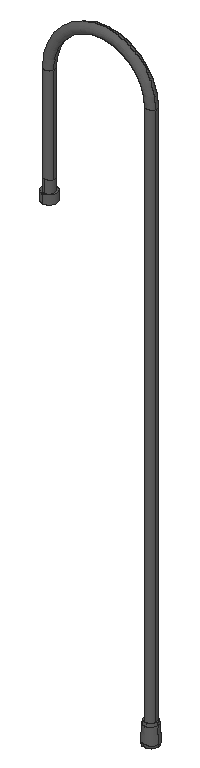
Revit family "Grohe_ShowerHose_Silverflex_28362KF1", category Plumbing Fixtures, host Face, Revit 2020
Family settings
  Host = Face
  Round Connector Dimension = Use Diameter
  Part Type = Normal
  OmniClass Number = 23.45.05.00
  OmniClass Title = Sanitary Equipment
  Cut with Voids When Loaded = No
  Shared = No
  Room Calculation Point = No
Parameters (values of type "SILVERFLEX Shower Hose (28362KF1)")
  _ObjectUserGuide = "https://www.bimstore.co/products/grohe-28362KF1/document/object-user-guide"
  _DistributedBy = "https://www.bimstore.co/"
  _CurrentRevision = 1
  _CreatedBy = "https://www.bimstore.co/"
  _BimSpecGuid = 0
  _BSBibleVersion = 17
  _AuthorizedBy = "bimstore"
  _Author = "AM 147"
  Waste Connection = no
  WarrantyStartDate [instance] = "Please Record On Commissioning."
  WarrantyGuarantorParts = "info-uk@grohe.com"
  WarrantyGuarantorLabor = "info-uk@grohe.com"
  WarrantyDurationUnit = "Years"
  WarrantyDurationParts = "0"
  WarrantyDurationLabor = "0"
  WarrantyDescription = "n/a"
  Vent Connection = no
  URL = "https://www.grohe.co.uk/"
  TypeName = "SILVERFLEX Shower Hose"
  Type Comments = "SILVERFLEX Shower Hose"
  TPIDocumentLink = "n/a"
  SustainabilityReport = "green.grohe.com/reporting"
  SustainabilityAward = "green.grohe.com/awards"
  SpareParts = "info-uk@grohe.com"
  Size = "n/a"
  Shape = "n/a"
  SerialNumber [instance] = "Please Record On Commissioning."
  ReplacementCost = "n/a"
  ReferencedStandard = "n/a"
  Radius [instance] = Diameter / 2  # 75.0 mm
  ProductionYear = "2023"
  ProductType = "Shower Hose"
  ProductShortText = "shower hose 1250 mm"
  ProductPageURL = "https://www.grohe.co.uk/en_gb/-28362KF1.html"
  ProductNumber = "28362KF1"
  ProductDescription = "1250 mm\r\n\r\nplastic material with smooth surface\r\n\r\nExtra Hygienic easy cleaning\r\n\r\nAntiFold bendproof\r\n\r\nuniversal connection G 1/2\" x 1/2\"\r\n\r\nrotation cone for TwistStop-function\r\n\r\nProGrip\r\n\r\nAntiScratch soft surface\r\n\r\nGROHE Long-Life\r\n\r\nheat resistance 70°C\r\n\r\npressure resistance up to 5 bar\r\n\r\ntensile strength 500 N\r\n\r\nGROHE Long-Life Shine finish"
  PrimaryMaterial = Grohe_MattBlack
  PQDiagramLink = "n/a"
  NominalLength = 0.0 mm
  NominalHeight = 0.0 mm
  NominalDepth = 0.0 mm
  NBSReference = "45-35-70/330"
  NBSOfficeMasterTag = "n/a"
  NBSObjectName = "Grohe - Shower fittings package"
  NBSNote = "n/a"
  NBSDescription = "Shower fittings package"
  ModelReference = "SILVERFLEX Shower Hose"
  ModelNumber = "28362KF1"
  Model = "SILVERFLEX Shower Hose"
  Material = "n/a"
  ManufacturerName = "Grohe"
  Manufacturer = "Grohe"
  Keynote = "N13"
  InstallationDate [instance] = "Please Record On Commissioning."
  IfcExportType = "IfcPipeFittingType"
  IfcExportAs = "IfcPipeFitting"
  HoseLength = 1250.0 mm  # constant formula
  HalfCircumference [instance] = (2 * 3.142 * Radius) / 2  # 235.65 mm
  HW Connection = no
  H1 [instance] = HoseLength - (Drop - Radius) - HalfCircumference  # 839.35 mm
  Grade = "n/a"
  GROHESustainability = "green.grohe.com"
  GROHESocialCommittment = "green.grohe.com/social_engagement"
  FullRecyclabilityOfPlastic = "All plastic components are fully recyclable"
  Finish = "n/a"
  Features = "n/a"
  ExpectedLife = 0
  Ecojoy = no
  EF024551 = "not relevant"
  EF022269 = "1/2 inch"
  EF022268 = "Internal thread"
  EF022267 = "TRUE"
  EF022266 = "Plastic"
  EF013956 = "FALSE"
  EF005913 = "not relevant"
  EF001438 = 1250.0 mm
  EF000007 = "Other"
  DurationUnit = "Years"
  Drop [instance] = 250.0 mm
  DocumentationTechnical = "https://www.bimstore.co/products/grohe-28362KF1/document/technical-data-sheet"
  DocumentationMaintenance = "https://www.bimstore.co/products/grohe-28362KF1/document/maintenance-information"
  DocumentationLiterature = "https://www.bimstore.co/products/grohe-28362KF1/document/product-literature"
  DocumentationInstallationGuide = "https://www.bimstore.co/products/grohe-28362KF1/document/installation-guide"
  DocumentationCertificates = "https://www.bimstore.co/products/grohe-28362KF1/document/product-certificates"
  DimensionsDocumentLink = "https://cdn.cloud.grohe.com/dimdraw/1000/1300/1330/1338/1338525/1280/1338525.jpg"
  Diameter [instance] = 150.0 mm
  Description = "SILVERFLEX Shower Hose"
  Default Elevation = 0.0 mm
  CreatedOn = "2023-03-01T09:00:00"
  CreatedBy = "info-uk@grohe.com"
  CradleToCradleCertification = "n/a"
  Cost = 0
  Constituents = "n/a"
  Color = "Matt Black"
  CodePerformance = "n/a"
  ClassificationValue = "Pr_40_20_87_75"
  ClassificationName = "Uniclass2015"
  CW Connection = no
  CO2NeutralProduction = "GROHE is one of the first leading manufacturer within the sanitary industry having a CO2-neutral production."
  BarCode [instance] = "Please Record On Commissioning."
  BIMObjectName = "Grohe_ShowerHose_Silverflex_28362KF1"
  AssetType = "Fixed"
  AssetIdentifier [instance] = "n/a"
  Assembly Code = "D2010"
  AccessibilityPerformance = "n/a"
Reference planes
  plane 1 "Center (Front/Back)": y = 0
  plane 2: z = 0
  plane 3 "Center (Left/Right)": x = 0
  plane 4: z = 175
  plane 5: z = 250
  plane 6: z = -664.35
  plane 7: z = -632.85
  plane 8: z = 30
  plane 9: x = 75
  plane 10: x = 150
Forms (mm)
  Revolve 1, solid, material "Grohe_MattBlack" <- "PrimaryMaterial", detail levels medium+fine
    sketch origin (0, 0, 0) x (0, 1, 0) y (0, 0, 1)
      loop
        line (-7.5, 12.5) -> (-11.211, 12.5) -> (-11.211, 0) -> (-7.5, 0) -> (-7.5, 11.5) -> (0, 11.5) -> (0, 30) -> (-7.5, 30) -> (-7.5, 12.5)
      axis (0, 0) -> (0, 30)
    angle from 0 to 360
  Sweep 2, solid, material "Grohe_MattBlack" <- "PrimaryMaterial"
    path origin (0, 0, 0) x (1, 0, 0) y (0, 0, 1)
      loop
        line (0, 30) -> (0, 175)
        arc (0, 175) -> (75, 250) -> (150, 175) r 75
        line (150, 175) -> (150, -632.85)
    profile origin (0, 0, 102.5) x (-1, 0, 0) y (0, -1, 0)
      loop
        circle (0, 0) r 7.5
  Revolve 3, solid, material "Grohe_MattBlack" <- "PrimaryMaterial", detail levels coarse
    sketch origin (0, 0, 0) x (1, 0, 0) y (0, 0, 1)
      loop
        line (150, -632.85) -> (150, -664.35) -> (161.8, -664.35) -> (161.8, -632.85) -> (150, -632.85)
      axis (150, -632.85) -> (150, -664.35)
    angle from 0 to 360
  Revolve 4, solid, material "Grohe_MattBlack" <- "PrimaryMaterial", detail levels medium+fine
    sketch origin (0, 0, 0) x (1, 0, 0) y (0, 0, 1)
      loop
        line (142.5, -664.35) -> (142.5, -632.85) -> (140.456, -632.85) -> (140.05, -636.75) -> (139.431, -637.369) -> (138.2, -660.85) -> (139.2, -664.35) -> (142.5, -664.35)
      axis (150, -664.35) -> (150, -632.85)
    angle from 0 to 360
  Revolve 5, solid, material "Grohe_MattBlack" <- "PrimaryMaterial", detail levels coarse
    sketch origin (0, 0, 0) x (1, 0, 0) y (0, 0, 1)
      loop
        line (0, 30) -> (0, 0) -> (11.211, 0) -> (11.211, 30) -> (0, 30)
      axis (0, 0) -> (0, 30)
    angle from 0 to 360
Dimensions and locks
  equal spacing: plane 10, plane 9, plane 3 "Center (Left/Right)"
  "Diameter": plane 10 to plane 3 "Center (Left/Right)"
  "Drop": plane 5 to level
  "Radius": plane 5 to plane 4
  locked: plane 8 to level at 30
  locked: plane 7 to plane 6 at 31.5
  "H1": plane 4 to plane 6
  locked: plane 10 to Revolve 3 sketch curve at 11.8
  aligned and locked: plane 2 to host face
  aligned and locked: level to host face
  aligned and locked: plane 8 to Sweep 2 sketch curve
  aligned and locked: plane 4 to Sweep 2 sketch curve  (x2)
  aligned and locked: plane 3 "Center (Left/Right)" to Sweep 2 sketch curve  (x2)
  aligned and locked: plane 7 to Sweep 2 sketch curve
  aligned and locked: plane 10 to Sweep 2 sketch curve
  aligned and locked: plane 1 "Center (Front/Back)" to Sweep 2 sketch curve
  aligned and locked: plane 7 to Revolve 3 sketch curve
  aligned and locked: Revolve 3 sketch curve to plane 6
  aligned and locked: plane 10 to Revolve 3 sketch curve  (x2)
  aligned and locked: plane 7 to Revolve 4 sketch curve
  aligned and locked: plane 6 to Revolve 4 sketch curve
  aligned and locked: Revolve 4 sketch curve to plane 10
  aligned and locked: plane 1 "Center (Front/Back)" to Revolve 1 sketch curve
  aligned and locked: plane 8 to Revolve 5 sketch curve
  aligned and locked: Revolve 5 sketch curve to plane 3 "Center (Left/Right)"
  aligned and locked: Revolve 5 sketch curve to level
  aligned and locked: plane 3 "Center (Left/Right)" to Revolve 5 sketch curve
Automatic sketch dimensions
  host sketch curve to host sketch curve = 2438.4 mm  (x2)
  Revolve 4 sketch curve to Revolve 4 sketch curve = 1.0 mm
  Revolve 4 sketch curve to Revolve 4 sketch curve = 1.231 mm
  Revolve 4 sketch curve to Revolve 4 sketch curve = 0.619 mm  (x2)
  Revolve 4 sketch curve to Revolve 4 sketch curve = 0.406 mm
  Revolve 4 sketch curve to Revolve 4 sketch curve = 2.044 mm
  Revolve 4 sketch curve to Revolve 4 sketch curve = 3.5 mm
  Revolve 4 sketch curve to Revolve 4 sketch curve = 3.9 mm
  Revolve 4 sketch curve to Revolve 4 sketch curve = 7.5 mm
  Revolve 4 sketch curve to Revolve 4 sketch curve = 30.0 mm
  Revolve 4 sketch curve to Revolve 4 sketch curve = 43.5 mm
  Revolve 3 sketch curve to plane 7 = 0.0 mm
  Revolve 3 sketch curve to plane 6 = 15.0 mm
  Revolve 1 sketch curve to level = 0.0 mm
  Revolve 1 sketch curve to plane 8 = 0.0 mm
  Revolve 1 sketch curve to plane 1 "Center (Front/Back)" = 0.0 mm
  plane 1 "Center (Front/Back)" to Revolve 1 sketch curve = 7.5 mm
  Revolve 1 sketch curve to Revolve 1 sketch curve = 0.0 mm
  Revolve 1 sketch curve to Revolve 1 sketch curve = 3.711 mm
  level to Revolve 1 sketch curve = 11.5 mm
  Revolve 1 sketch curve to Revolve 1 sketch curve = 1.0 mm
  Revolve 1 sketch curve to Revolve 1 sketch curve = 10.0 mm
  Revolve 1 sketch curve to Revolve 1 sketch curve = 20.0 mm
  Revolve 5 sketch curve to plane 8 = 0.0 mm
  plane 3 "Center (Left/Right)" to Revolve 5 sketch curve = 11.211 mm
  Revolve 5 sketch curve to Revolve 5 sketch curve = 15.0 mm
  radius of Sweep 2 sketch curve = 7.5 mm
